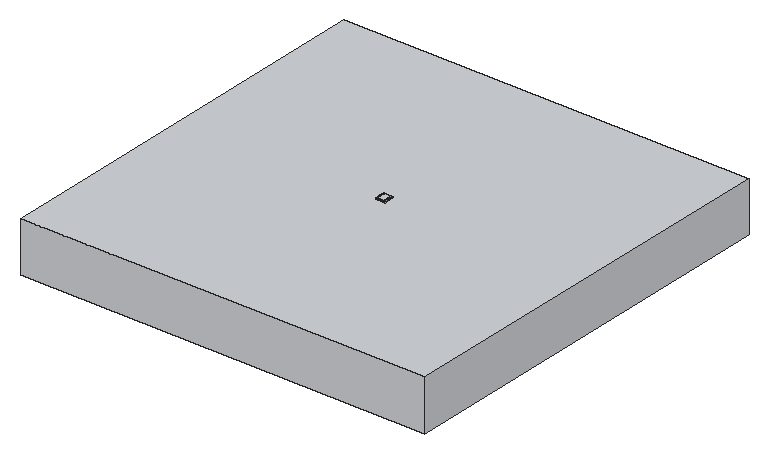
Revit family "Gira_514200", category Allgemeines Modell, Revit 2017
Family settings
  Basisbauteil = Fläche
  Kann Basisbauteil für Bewehrung sein = Nein
  Bemaßung runder Anschluss = Durchmesser verwenden
  Teiletyp = Normal
  Beim Laden mit Abzugskörper schneiden = Nein
  Gemeinsam genutzt = Nein
  Raumberechnungspunkt = Nein
Parameters
  With room temperature controller = yes
  With label area = no
  With display = yes
  With anti-theft/dismantling protection = yes
  With LED indication = yes
  With IR sensor = no
  Default Elevation = 1219.2 mm
  URL = "https://www.gira.de/"
  Typname = "KNX PB sens.3 Plus 2-g System 55, Gira E22"
  Transparent = no
  Surface protection = "Other"
  Surface finishing = "Not applicable"
  Productwebsite = "http://katalog.gira.de/en/datenblatt.html?artikelnr=514200"
  Other bus systems = "None"
  Number of buttons = 2
  Number of actuation points = 6
  Mounting method = "Flush mounted (plaster)"
  Material quality = "Other"
  Material = "Other"
  Hersteller = "Gira"
  HAN = "514200"
  GTIN = "4010337086888"
  Degree of protection (IP) = "IP20"
  Data sheet = "https://katalog.gira.de/en/download.html?artikelnr=514200"
  Colour = "Other"
  Bus system radio frequent = no
  Bus system Powernet = no
  Bus system LON = no
  Bus system KNX radio = no
  Bus system KNX = yes
  Bus connection included = no
  Beschreibung = "KNX PB sens.3 Plus 2g Sys55,KNX pushbutton sensor 3 Plus 2-gang,System 55, Gira E22,Start-up rocker,Features:,- Mounting on bus coupler 3 or bus coupler 3 external sensor.,- Disassembly safeguard by screw connection.,- Backlit graphic display and various display possibilities, e.g. temperature, time, date, alarm texts, information texts.,- Two multicoloured status LEDs per operating surface.,- Multicoloured status LED (red, green, blue) can be parameterised via the ETS.,- Inscription space illumination for rocker sets with inscription space.,- Internal temperature sensor for measuring ambient room temperature.,Pushbutton sensor properties::,- Rocker or button function can be set for each operating surface.,- Rocker function: Switching, dimming, blind control, value transmitter 1-byte, value transmitter 2-byte, scene auxiliary unit, 2-channel operation and manual fan control.,- Button function: Switching, dimming, blind controller, value transmitter 1-byte, value transmitter 2-byte, scene auxiliary unit, 2-channel operation, controller auxiliary unit, controller operation, heater clock operation and manual fan control.,- Controller auxiliary unit or controller operation: Operating mode changeover, (defined selection of operating mode or switching between various operating modes with controller auxiliary unit), switching of presence condition, setpoint offset.,- Blocker for blocking individual button or rocker functions.,- Alarm message displayed through all LEDs flashing.,- Multicoloured status LED (red, green, blue) can be configured globally or separately. A superimposed function can be activated on the bus whereby the colour and display information of individual status LEDs can be modified according to priority.,- Illumination of inscription space ON, OFF, automatic switch-off, or switchable via object.,- Communication object for brightness control of status LED, illumination of inscription space and backlighting of display.,Room temperature controller properties::,- Operating modes: Comfort, standby, night, and frost or heat protection with their own temperature setpoint values (for heating and or cooling).,- Comfort extension using the presence button.,- Frost or heat protection changeover via window status or via frost protection automatic function.,- Room temperature controller information is shown in the device display.,- Either one or two control circuits.,- Various control types can be configured according to the heating or cooling level: PI control (constant or switching PWM) or 2-point control (switching).,- Control parameters for PI controllers and 2-point controllers can be set.,- Internal temperature sensor and up to two external temperature sensors (1 x object, 1 x wired) possible for room temperature measurement.,- Optional external wired remote sensor for floor heating.,- Heating clock with 28 switching times.,LC display properties::,- Graphic display with switchable LED backlighting.,- 1-range or 2-range display.,- Text information in the display in the languages: German, English, Dutch, Norwegian, Russian and Polish. Other languages are available on the Internet.,,Notes :,- Professional labelling with the Gira Inscription Service www.marking.gira.com.,- The pushbutton sensor is supplied with a program-neutral start-up rocker. The suitable rocker set for the design line must be ordered separately."
  BIM = "https://media.stage.bim.site/public/gira/ad86d9f/SYS55_Tastsensor.rfa"
Reference planes
  plane 1 "Center (Front/Back)": y = 0
  plane 2: z = 0
  plane 3 "Center (Left/Right)": x = 0
Forms (mm)
  Extrusion 1, solid
    sketch origin (0, 0, 0) x (1, 0, 0) y (0, 1, 0)
      loop
        line (-1219.2, 1219.2) -> (-1219.2, -1219.2) -> (1219.2, -1219.2) -> (1219.2, 1219.2) -> (-1219.2, 1219.2)
    from 0 to -304.8
  Extrusion 2, solid, detail levels fine
    sketch origin (0, 0, 0) x (1, 0, 0) y (0, 1, 0)
      loop
        line (-6.6, -21.3) -> (-6.6, -16) -> (6.6, -16) -> (6.6, -21.3) -> (7.4, -21.3) -> (7.4, -15.2) -> (-7.4, -15.2) -> (-7.4, -21.3) -> (-6.6, -21.3)
    from -9.5 to -1.5
  Extrusion 3, solid, detail levels fine
    sketch origin (0, 0, 0) x (1, 0, 0) y (0, 1, 0)
      loop
        circle (-5.08, -17.5) r 0.5
      loop
        circle (-2.54, -17.48) r 0.5
      loop
        circle (0, -17.5) r 0.5
      loop
        circle (2.54, -17.48) r 0.5
      loop
        circle (5.08, -17.5) r 0.5
      loop
        circle (5.08, -20.04) r 0.5
      loop
        circle (2.54, -20.02) r 0.5
      loop
        circle (0, -20.04) r 0.5
      loop
        circle (-2.54, -20.02) r 0.5
      loop
        circle (-5.08, -20.04) r 0.5
    from -8.48 to -1.5
  Extrusion 4, solid, detail levels fine
    sketch origin (0, 0, 0) x (1, 0, 0) y (0, 1, 0)
      loop
        arc (-23.95, -19.15) -> (-22.544, -22.544) -> (-19.15, -23.95) r 4.8
        line (-19.15, -23.95) -> (19.15, -23.95)
        arc (19.15, -23.95) -> (22.544, -22.544) -> (23.95, -19.15) r 4.8
        line (23.95, -19.15) -> (23.95, 19.15)
        arc (23.95, 19.15) -> (22.544, 22.544) -> (19.15, 23.95) r 4.8
        line (19.15, 23.95) -> (-19.15, 23.95)
        arc (-19.15, 23.95) -> (-22.544, 22.544) -> (-23.95, 19.15) r 4.8
        line (-23.95, 19.15) -> (-23.95, -19.15)
    from -1.5 to 0.5
  Extrusion 5, solid, detail levels fine
    sketch origin (0, 0, 0) x (1, 0, 0) y (0, 1, 0)
      loop
        line (27.6, -27.7) -> (27.6, -26.6) -> (26.1, -26.6) -> (26.1, -10.4) -> (27.45, -10.4) -> (27.45, -8.1) -> (26.1, -8.1) -> (26.1, 8.1) -> (27.45, 8.1) -> (27.45, 10.4) -> (26.1, 10.4) -> (26.1, 26.6) -> (27.6, 26.6) -> (27.6, 27.7) -> (-27.6, 27.7) -> (-27.6, 26.6) -> (-26.1, 26.6) -> (-26.1, 10.4) -> (-27.45, 10.4) -> (-27.45, 8.1) -> (-26.1, 8.1) -> (-26.1, -8.1) -> (-27.45, -8.1) -> (-27.45, -10.4) -> (-26.1, -10.4) -> (-26.1, -26.6) -> (-27.6, -26.6) -> (-27.6, -27.7) -> (27.6, -27.7)
    from 0 to 5.44
  Extrusion 6, solid, detail levels fine
    sketch origin (0, 0, 0) x (0, 1, 0) y (0, 0, 1)
      loop
        arc (15.5, 5.92) -> (15.146, 5.774) -> (15, 5.42) r 0.5
        line (15, 5.42) -> (15, 3.62)
        arc (15, 3.62) -> (15.146, 3.267) -> (15.5, 3.12) r 0.5
        line (15.5, 3.12) -> (21.5, 3.12)
        arc (21.5, 3.12) -> (21.854, 3.267) -> (22, 3.62) r 0.5
        line (22, 3.62) -> (22, 5.42)
        arc (22, 5.42) -> (21.854, 5.774) -> (21.5, 5.92) r 0.5
        line (21.5, 5.92) -> (15.5, 5.92)
      loop
        line (11.4, 1.3) -> (25.6, 1.3)
        arc (25.6, 1.3) -> (25.954, 1.446) -> (26.1, 1.8) r 0.5
        line (26.1, 1.8) -> (26.1, 5.7) -> (27.65, 5.7) -> (27.635, 7.4) -> (-27.635, 7.4) -> (-27.65, 5.7) -> (-26.1, 5.7) -> (-26.1, 1.8)
        arc (-26.1, 1.8) -> (-25.954, 1.446) -> (-25.6, 1.3) r 0.5
        line (-25.6, 1.3) -> (-11.4, 1.3)
        arc (-11.4, 1.3) -> (-11.046, 1.446) -> (-10.9, 1.8) r 0.5
        line (-10.9, 1.8) -> (-10.9, 5.7) -> (-8.05, 5.7) -> (-8.05, 1.8)
        arc (-8.05, 1.8) -> (-7.904, 1.446) -> (-7.55, 1.3) r 0.5
        line (-7.55, 1.3) -> (7.55, 1.3)
        arc (7.55, 1.3) -> (7.904, 1.446) -> (8.05, 1.8) r 0.5
        line (8.05, 1.8) -> (8.05, 5.7) -> (10.9, 5.7) -> (10.9, 1.8)
        arc (10.9, 1.8) -> (11.046, 1.446) -> (11.4, 1.3) r 0.5
      loop
        line (3, 5.92) -> (-3, 5.92)
        arc (-3, 5.92) -> (-3.354, 5.774) -> (-3.5, 5.42) r 0.5
        line (-3.5, 5.42) -> (-3.5, 3.62)
        arc (-3.5, 3.62) -> (-3.354, 3.267) -> (-3, 3.12) r 0.5
        line (-3, 3.12) -> (3, 3.12)
        arc (3, 3.12) -> (3.354, 3.267) -> (3.5, 3.62) r 0.5
        line (3.5, 3.62) -> (3.5, 5.42)
        arc (3.5, 5.42) -> (3.354, 5.774) -> (3, 5.92) r 0.5
      loop
        arc (-15.5, 3.12) -> (-15.146, 3.267) -> (-15, 3.62) r 0.5
        line (-15, 3.62) -> (-15, 5.42)
        arc (-15, 5.42) -> (-15.146, 5.774) -> (-15.5, 5.92) r 0.5
        line (-15.5, 5.92) -> (-21.5, 5.92)
        arc (-21.5, 5.92) -> (-21.854, 5.774) -> (-22, 5.42) r 0.5
        line (-22, 5.42) -> (-22, 3.62)
        arc (-22, 3.62) -> (-21.854, 3.267) -> (-21.5, 3.12) r 0.5
        line (-21.5, 3.12) -> (-15.5, 3.12)
    from -27.45 to -25
  Extrusion 7, solid, detail levels fine
    sketch origin (0, 0, 0) x (0, 1, 0) y (0, 0, -1)
      loop
        line (15.5, -5.92) -> (21.5, -5.92)
        arc (21.5, -5.92) -> (21.854, -5.774) -> (22, -5.42) r 0.5
        line (22, -5.42) -> (22, -3.62)
        arc (22, -3.62) -> (21.854, -3.267) -> (21.5, -3.12) r 0.5
        line (21.5, -3.12) -> (15.5, -3.12)
        arc (15.5, -3.12) -> (15.146, -3.267) -> (15, -3.62) r 0.5
        line (15, -3.62) -> (15, -5.42)
        arc (15, -5.42) -> (15.146, -5.774) -> (15.5, -5.92) r 0.5
      loop
        arc (11.4, -1.3) -> (11.046, -1.446) -> (10.9, -1.8) r 0.5
        line (10.9, -1.8) -> (10.9, -5.7) -> (8.05, -5.7) -> (8.05, -1.8)
        arc (8.05, -1.8) -> (7.904, -1.446) -> (7.55, -1.3) r 0.5
        line (7.55, -1.3) -> (-7.55, -1.3)
        arc (-7.55, -1.3) -> (-7.904, -1.446) -> (-8.05, -1.8) r 0.5
        line (-8.05, -1.8) -> (-8.05, -5.7) -> (-10.9, -5.7) -> (-10.9, -1.8)
        arc (-10.9, -1.8) -> (-11.046, -1.446) -> (-11.4, -1.3) r 0.5
        line (-11.4, -1.3) -> (-25.6, -1.3)
        arc (-25.6, -1.3) -> (-25.954, -1.446) -> (-26.1, -1.8) r 0.5
        line (-26.1, -1.8) -> (-26.1, -5.7) -> (-27.65, -5.7) -> (-27.635, -7.4) -> (27.635, -7.4) -> (27.65, -5.7) -> (26.1, -5.7) -> (26.1, -1.8)
        arc (26.1, -1.8) -> (25.954, -1.446) -> (25.6, -1.3) r 0.5
        line (25.6, -1.3) -> (11.4, -1.3)
      loop
        arc (3, -5.92) -> (3.354, -5.774) -> (3.5, -5.42) r 0.5
        line (3.5, -5.42) -> (3.5, -3.62)
        arc (3.5, -3.62) -> (3.354, -3.267) -> (3, -3.12) r 0.5
        line (3, -3.12) -> (-3, -3.12)
        arc (-3, -3.12) -> (-3.354, -3.267) -> (-3.5, -3.62) r 0.5
        line (-3.5, -3.62) -> (-3.5, -5.42)
        arc (-3.5, -5.42) -> (-3.354, -5.774) -> (-3, -5.92) r 0.5
        line (-3, -5.92) -> (3, -5.92)
      loop
        line (-15.5, -3.12) -> (-21.5, -3.12)
        arc (-21.5, -3.12) -> (-21.854, -3.267) -> (-22, -3.62) r 0.5
        line (-22, -3.62) -> (-22, -5.42)
        arc (-22, -5.42) -> (-21.854, -5.774) -> (-21.5, -5.92) r 0.5
        line (-21.5, -5.92) -> (-15.5, -5.92)
        arc (-15.5, -5.92) -> (-15.146, -5.774) -> (-15, -5.42) r 0.5
        line (-15, -5.42) -> (-15, -3.62)
        arc (-15, -3.62) -> (-15.146, -3.267) -> (-15.5, -3.12) r 0.5
    from -27.45 to -25
  Extrusion 8, solid, detail levels fine
    sketch origin (-82.195, -64.588, 0) x (1, 0, 0) y (0, 1, 0)
      loop
        line (54.545, 36.952) -> (109.845, 36.952) -> (109.845, 92.223) -> (54.545, 92.223) -> (54.545, 36.952)
    from 6.703 to 8.9
  Extrusion 9, solid, detail levels fine
    sketch origin (0, 0, 0) x (1, 0, 0) y (0, 1, 0)
      loop
        line (-19.2, 27) -> (-19.2, -27) -> (19.2, -27) -> (19.2, 27) -> (-19.2, 27)
    from 5.44 to 8
  Extrusion 10, solid, detail levels fine
    sketch origin (0, 0, 0) x (1, 0, 0) y (0, 1, 0)
      loop
        circle (-23.85, 0) r 1.269
      loop
        circle (23.85, 0) r 1.269
    from 6.703 to 9.6
  Extrusion 11, solid, detail levels medium
    sketch origin (0, 0, 0) x (1, 0, 0) y (0, 1, 0)
      loop
        line (27.65, 27.7) -> (-27.65, 27.7) -> (-27.65, -27.7) -> (27.65, -27.7) -> (27.65, 27.7)
    from 0 to 9.6
  Extrusion 12, solid, detail levels medium
    sketch origin (0, 0, 0) x (1, 0, 0) y (0, 1, 0)
      loop
        line (-23.95, -23.95) -> (23.95, -23.95) -> (23.95, 23.95) -> (-23.95, 23.95) -> (-23.95, -23.95)
    from -1.5 to 0.5
  Extrusion 13, solid, detail levels medium
    sketch origin (0, 0, 0) x (1, 0, 0) y (0, 1, 0)
      loop
        line (-7.4, -21.3) -> (7.4, -21.3) -> (7.4, -15.2) -> (-7.4, -15.2) -> (-7.4, -21.3)
    from -9.5 to -1.5
  Extrusion 14, solid, detail levels coarse
    sketch origin (0, 0, 0) x (1, 0, 0) y (0, 1, 0)
      loop
        line (27.65, 27.7) -> (-27.65, 27.7) -> (-27.65, -27.7) -> (27.65, -27.7) -> (27.65, 27.7)
    from -9.5 to 9.6
Dimensions and locks
  aligned and locked: plane 2 to Extrusion 1
  aligned and locked: level to Extrusion 1
Connectors
  electrical at (0, 0, -9.5)
    settings: on Extrusion 14, index 1, voltage 220 V, apparent load 0 VA, apparent load phase1 0 VA, apparent load phase2 0 VA, apparent load phase3 0 VA, power factor 1, load classification "Other", number of poles 1, system type 30, power factor state 1, is connector primary yes, connector utility no, sub classification motor no, connector description ""
